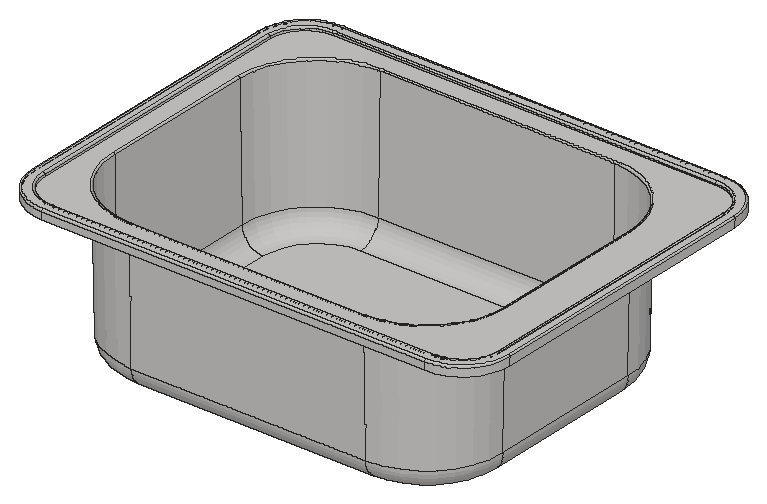
Revit family
Parameters
  Length = 610 mm  # constant formula
  Waste Connection Radius = Waste Connection Diameter / 2  # 45 mm
  Waste Connection = 1 = 1  # yes
  Vent Connection = 1 = 0  # no
  URL = "www.kwikot.com"
  Product Code = "SWT-SPACE"
  Model = "Classique Wash Trough Laundry Series"
  Manufacturer = "Kwikot"  # constant formula
  Keynote = "22 41 16.16"
  Drain Stopper Visibility = yes
  Description = "Single Bowl Stainless Steel Drop In"
  Width = 480 mm  # constant formula
  Depth = 200 mm  # constant formula
  HW Connection = 1 = 0  # no
  Family created by = "www.rbuiltcomponents.com"
  Waste Connection Diameter = 90 mm  # constant formula
  CW Connection = 1 = 0  # no
  Body Finish = Stainless_Steel-Kwikot-Satin
  Assembly Code = "D2010400"
Reference planes
  plane 1 "Bottom": z = 0
  plane 2 "Center (Front/Back)": y = -188
  plane 3: x = -140
  plane 4 "Top": z = 200
  plane 5: z = 188
  plane 6 "Bowl Top": z = 196
  plane 7: x = 165
  plane 8: x = -445
  plane 9: y = 52
  plane 10: y = -428
  plane 11: x = -405
  plane 12: y = 12
  plane 13: y = -388
  plane 14: x = 95
  plane 15: y = 37
  plane 16: y = -413
  plane 17: x = -430
  plane 18: x = 150
  plane 19: x = -15
Forms (mm)
  Sweep 1, solid, material "Stainless_Steel-Kwikot-Satin" <- "Body Finish"
    path origin (0, 0, 200) x (-1, 0, 0) y (0, -1, 0)
      loop
        line (405, 88) -> (405, 288)
        arc (405, 288) -> (375.711, 358.711) -> (305, 388) r 100
        line (305, 388) -> (5, 388)
        arc (5, 388) -> (-65.711, 358.711) -> (-95, 288) r 100
        line (-95, 288) -> (-95, 88)
        arc (-95, 88) -> (-65.711, 17.289) -> (5, -12) r 100
        line (5, -12) -> (305, -12)
        arc (305, -12) -> (375.711, 17.289) -> (405, 88) r 100
    profile origin (-405, -188, 200) x (1, 0, 0) y (0, 0, 1)
      loop
        arc (-1.581, -5) -> (-0.88, -5.287) -> (-0.581, -5.983) r 1
        line (-0.581, -5.983) -> (2.325, -172.489)
        arc (2.325, -172.489) -> (10.696, -191.971) -> (30.321, -200) r 28
        line (30.321, -200) -> (35.315, -200) -> (35.315, -199) -> (30.321, -199)
        arc (30.321, -199) -> (11.397, -191.258) -> (3.325, -172.471) r 27
        line (3.325, -172.471) -> (0.419, -5.965)
        arc (0.419, -5.965) -> (-0.179, -4.573) -> (-1.581, -4) r 2
        line (-1.581, -4) -> (-17.185, -4) -> (-17.185, -5) -> (-1.581, -5)
  Extrusion 2, solid, material "Stainless_Steel-Kwikot-Satin" <- "Body Finish"
    sketch origin (0, 0, 196) x (-1, 0, 0) y (0, -1, 0)
      loop
        arc (387, -38) -> (418.113, -25.113) -> (431, 6) r 44
        line (431, 6) -> (431, 370)
        arc (431, 370) -> (418.113, 401.113) -> (387, 414) r 44
        line (387, 414) -> (-107, 414)
        arc (-107, 414) -> (-138.113, 401.113) -> (-151, 370) r 44
        line (-151, 370) -> (-151, 6)
        arc (-151, 6) -> (-138.113, -25.113) -> (-107, -38) r 44
        line (-107, -38) -> (387, -38)
      loop
        line (5, -29.185) -> (305, -29.185)
        arc (305, -29.185) -> (387.862, 5.138) -> (422.185, 88) r 117.185
        line (422.185, 88) -> (422.185, 288)
        arc (422.185, 288) -> (387.862, 370.862) -> (305, 405.185) r 117.185
        line (305, 405.185) -> (5, 405.185)
        arc (5, 405.185) -> (-77.862, 370.862) -> (-112.185, 288) r 117.185
        line (-112.185, 288) -> (-112.185, 88)
        arc (-112.185, 88) -> (-77.862, 5.138) -> (5, -29.185) r 117.185
    from 0 to -1
  Extrusion 3, solid, material "Stainless_Steel-Kwikot-Satin" <- "Body Finish"
    sketch origin (0, 0, 0) x (1, 0, 0) y (0, 1, 0)
      loop
        circle (-15, -188) r 58.5
      loop
        arc (-305, -23.315) -> (-350.739, -42.261) -> (-369.685, -88) r 64.685
        line (-369.685, -88) -> (-369.685, -288)
        arc (-369.685, -288) -> (-350.739, -333.739) -> (-305, -352.685) r 64.685
        line (-305, -352.685) -> (-5, -352.685)
        arc (-5, -352.685) -> (40.739, -333.739) -> (59.685, -288) r 64.685
        line (59.685, -288) -> (59.685, -88)
        arc (59.685, -88) -> (40.739, -42.261) -> (-5, -23.315) r 64.685
        line (-5, -23.315) -> (-305, -23.315)
    from 1 to 0
  Sweep 4, solid, material "Stainless_Steel-Kwikot-Satin" <- "Body Finish"
    path origin (0, 0, 200) x (-1, 0, 0) y (0, -1, 0)
      loop
        arc (430, 368) -> (416.82, 399.82) -> (385, 413) r 45
        line (385, 413) -> (-105, 413)
        arc (-105, 413) -> (-136.82, 399.82) -> (-150, 368) r 45
        line (-150, 368) -> (-150, 8)
        arc (-150, 8) -> (-136.82, -23.82) -> (-105, -37) r 45
        line (-105, -37) -> (385, -37)
        arc (385, -37) -> (416.82, -23.82) -> (430, 8) r 45
        line (430, 8) -> (430, 368)
    profile origin (-430, -188, 200) x (-1, 0, 0) y (0, 0, 1)
      loop
        line (0, -2) -> (0, -5) -> (1.5, -5) -> (1.5, -3)
        arc (1.5, -3) -> (1.793, -2.293) -> (2.5, -2) r 1
        line (2.5, -2) -> (11.5, -2) -> (11.5, 0) -> (2, 0)
        arc (2, 0) -> (0.586, -0.586) -> (0, -2) r 2
  Sweep 5, solid, material "Stainless_Steel-Kwikot-Satin" <- "Body Finish"
    path origin (0, 0, 200) x (-1, 0, 0) y (0, -1, 0)
      loop
        arc (445, 368) -> (427.426, 410.426) -> (385, 428) r 60
        line (385, 428) -> (-105, 428)
        arc (-105, 428) -> (-147.426, 410.426) -> (-165, 368) r 60
        line (-165, 368) -> (-165, 8)
        arc (-165, 8) -> (-147.426, -34.426) -> (-105, -52) r 60
        line (-105, -52) -> (385, -52)
        arc (385, -52) -> (427.426, -34.426) -> (445, 8) r 60
        line (445, 8) -> (445, 368)
    profile origin (-445, -188, 200) x (-1, 0, 0) y (0, 0, 1)
      loop
        line (-6, 0) -> (-6, -2) -> (-3, -2)
        arc (-3, -2) -> (-2.293, -2.293) -> (-2, -3) r 1
        line (-2, -3) -> (-2, -11) -> (-5.011, -11) -> (-5.011, -12) -> (0, -12) -> (0, -2)
        arc (0, -2) -> (-0.586, -0.586) -> (-2, 0) r 2
        line (-2, 0) -> (-6, 0)
  Revolve 6, solid, material "Stainless_Steel-Kwikot-Satin" <- "Body Finish", visible <- "Drain Stopper Visibility"
    sketch origin (125, -188, 0) x (1, 0, 0) y (0, 0, 1)
      loop
        line (-140.039, 1.027) -> (-144.084, 1.027)
        arc (-144.084, 1.027) -> (-145.334, -0.223) -> (-144.084, -1.473) r 1.25
        line (-144.084, -1.473) -> (-143.039, -1.473) -> (-143.039, -6.473)
        arc (-143.039, -6.473) -> (-144.211, -9.301) -> (-147.039, -10.473) r 4
        line (-147.039, -10.473) -> (-175.039, -10.473)
        arc (-175.039, -10.473) -> (-178.575, -9.008) -> (-180.039, -5.473) r 5
        line (-180.039, -5.473) -> (-180.039, -3.995)
        arc (-180.039, -3.995) -> (-180.077, -2.357) -> (-181.489, -3.187) r 0.95
        line (-181.489, -3.187) -> (-181.489, -1.607)
        arc (-181.489, -1.607) -> (-181.782, -0.9) -> (-182.489, -0.607) r 1
        line (-182.489, -0.607) -> (-192.039, -0.607) -> (-192.039, -1.607) -> (-182.489, -1.607) -> (-182.489, -5.473) -> (-181.039, -5.473)
        arc (-181.039, -5.473) -> (-179.282, -9.715) -> (-175.039, -11.473) r 6
        line (-175.039, -11.473) -> (-140.039, -11.473) -> (-140.039, 1.027)
      axis (-140.039, 1.027) -> (-140.039, -11.473)
    angle from 0 to 360
  Extrusion 7, void
    sketch origin (-170.202, 60.252, 0) x (1, 0, 0) y (0, 1, 0)
      loop
        line (122.202, -246.752) -> (122.202, -249.752) -> (132.202, -249.752) -> (132.202, -246.752) -> (122.202, -246.752)
      loop
        line (188.202, -246.752) -> (178.202, -246.752) -> (178.202, -249.752) -> (188.202, -249.752) -> (188.202, -246.752)
      loop
        line (124.14, -259.494) -> (125.288, -262.266) -> (134.527, -258.439) -> (133.379, -255.667) -> (124.14, -259.494)
      loop
        line (185.116, -234.237) -> (175.877, -238.064) -> (177.025, -240.836) -> (186.264, -237.009) -> (185.116, -234.237)
      loop
        line (130.807, -270.525) -> (132.928, -272.647) -> (139.999, -265.576) -> (137.878, -263.454) -> (130.807, -270.525)
      loop
        line (177.476, -223.856) -> (170.405, -230.927) -> (172.526, -233.049) -> (179.597, -225.978) -> (177.476, -223.856)
      loop
        line (141.188, -278.166) -> (143.959, -279.314) -> (147.786, -270.075) -> (145.015, -268.927) -> (141.188, -278.166)
      loop
        line (166.445, -217.189) -> (162.618, -226.428) -> (165.39, -227.576) -> (169.216, -218.338) -> (166.445, -217.189)
      loop
        line (153.702, -281.252) -> (156.702, -281.252) -> (156.702, -271.252) -> (153.702, -271.252) -> (153.702, -281.252)
      loop
        line (153.702, -215.252) -> (153.702, -225.252) -> (156.702, -225.252) -> (156.702, -215.252) -> (153.702, -215.252)
      loop
        line (166.445, -279.314) -> (169.216, -278.166) -> (165.39, -268.927) -> (162.618, -270.075) -> (166.445, -279.314)
      loop
        line (141.188, -218.338) -> (145.015, -227.576) -> (147.786, -226.428) -> (143.959, -217.189) -> (141.188, -218.338)
      loop
        line (177.476, -272.647) -> (179.597, -270.525) -> (172.526, -263.454) -> (170.405, -265.576) -> (177.476, -272.647)
      loop
        line (130.807, -225.978) -> (137.878, -233.049) -> (139.999, -230.927) -> (132.928, -223.856) -> (130.807, -225.978)
      loop
        line (185.116, -262.266) -> (186.264, -259.494) -> (177.025, -255.667) -> (175.877, -258.439) -> (185.116, -262.266)
      loop
        line (124.14, -237.009) -> (133.379, -240.836) -> (134.527, -238.064) -> (125.288, -234.237) -> (124.14, -237.009)
    from -16.779 to 10
  Revolve 8, solid, material "Stainless_Steel-Kwikot-Satin" <- "Body Finish"
    sketch origin (125, -188, 0) x (1, 0, 0) y (0, 0, 1)
      loop
        line (-185, -2.086) -> (-194.595, -2.086)
        arc (-194.595, -2.086) -> (-195.24, -1.763) -> (-195.5, -1.091) r 1
        line (-195.5, -1.091) -> (-195.5, 0)
        arc (-195.5, 0) -> (-195.793, 0.707) -> (-196.5, 1) r 1
        line (-196.5, 1) -> (-198.5, 1) -> (-198.5, 0) -> (-196.5, 0) -> (-196.5, -1.091)
        arc (-196.5, -1.091) -> (-195.961, -2.457) -> (-194.634, -3.086) r 2
        line (-194.634, -3.086) -> (-186, -3.086) -> (-186, -7) -> (-185, -7) -> (-185, -2.086)
      axis (-140, 1) -> (-140, -7)
    angle from 0 to 360
Cuts and joins
  Extrusion 7 cuts Revolve 6
  Extrusion 7 cuts Sweep 1
  Extrusion 7 cuts Extrusion 2
  Extrusion 7 cuts Extrusion 3
  joined: Sweep 1, Extrusion 2, Extrusion 3, Revolve 8
  Extrusion 7 cuts Sweep 4
  Extrusion 7 cuts Sweep 5
  joined: Sweep 4, Sweep 5
Lines and regions (mm)
  Masking region 1
    outline origin (0, 0, 0) x (1, 0, 0) y (0, 1, 0)
      loop
        arc (-385, 52) -> (-427.426, 34.426) -> (-445, -8) r 60
        line (-445, -8) -> (-445, -368)
        arc (-445, -368) -> (-427.426, -410.426) -> (-385, -428) r 60
        line (-385, -428) -> (105, -428)
        arc (105, -428) -> (147.426, -410.426) -> (165, -368) r 60
        line (165, -368) -> (165, -8)
        arc (165, -8) -> (147.426, 34.426) -> (105, 52) r 60
        line (105, 52) -> (-385, 52)
  Masking region 2
    outline origin (0, -188, 0) x (1, 0, 0) y (0, 0, 1)
      loop
        line (165, 200) -> (-445, 200) -> (-445, 189) -> (-445, 188) -> (-405, 188) -> (-402.023, 29.476)
        arc (-402.023, 29.476) -> (-393.055, 8.602) -> (-372.028, 0) r 30
        line (-372.028, 0) -> (-61.25, 0) -> (-58.75, -5) -> (28.75, -5) -> (31.25, 0) -> (62.028, 0)
        arc (62.028, 0) -> (83.055, 8.602) -> (92.023, 29.476) r 30
        line (92.023, 29.476) -> (95, 188) -> (165, 188) -> (165, 189) -> (165, 200)
  Masking region 3
    outline origin (95, 0, 0) x (0, 1, 0) y (0, 0, 1)
      loop
        line (52, 200) -> (-428, 200) -> (-428, 188) -> (-388, 188) -> (-385.367, 49.127)
        arc (-385.367, 49.127) -> (-370.42, 14.337) -> (-335.374, 0) r 50
        line (-335.374, 0) -> (-235.5, 0) -> (-233, -5) -> (-143, -5) -> (-140.5, 0) -> (-40.626, 0)
        arc (-40.626, 0) -> (-5.58, 14.337) -> (9.367, 49.127) r 50
        line (9.367, 49.127) -> (12, 188) -> (52, 188) -> (52, 200)
  symbolic lines, style "Sink"
    curve 1: line (-405, -188, 188) -> (95, -188, 188)
    curve 2: line (-61.25, -188, 0) -> (31.25, -188, 0)
    curve 3: line (95, 12, 188) -> (95, -388, 188)
    curve 4: line (95, -140.5, 0) -> (95, -235.5, 0)
    curve 5: line (-385, 37, 0) -> (105, 37, 0)
    curve 6: line (-430, -368, 0) -> (-430, -8, 0)
    curve 7: line (105, -413, 0) -> (-385, -413, 0)
    curve 8: line (150, -8, 0) -> (150, -368, 0)
    curve 9: line (-440, -188, 200) -> (160, -188, 200)
    curve 10: arc (-385, 37, 0) -> (-416.82, 23.82, 0) -> (-430, -8, 0) r 45
    curve 11: arc (150, -8, 0) -> (136.82, 23.82, 0) -> (105, 37, 0) r 45
    curve 12: arc (150, -368, 0) -> (136.82, -399.82, 0) -> (105, -413, 0) r 45
    curve 13: arc (-385, -413, 0) -> (-416.82, -399.82, 0) -> (-430, -368, 0) r 45
    curve 14: arc (-55.039, -187.748, 0) -> (-15.039, -147.748, 0) -> (24.961, -187.748, 0) r 40
    curve 15: arc (24.961, -187.748, 0) -> (-15.039, -227.748, 0) -> (-55.039, -187.748, 0) r 40
    curve 18: line (-405, -88, 0) -> (-405, -288, 0)
    curve 19: line (-5, 12, 0) -> (-305, 12, 0)
    curve 20: line (95, -88, 0) -> (95, -288, 0)
    curve 21: line (-5, -388, 0) -> (-305, -388, 0)
    curve 22: arc (-405, -88, 0) -> (-375.711, -17.289, 0) -> (-305, 12, 0) r 100
    curve 23: arc (95, -88, 0) -> (65.711, -17.289, 0) -> (-5, 12, 0) r 100
    curve 24: arc (95, -288, 0) -> (65.711, -358.711, 0) -> (-5, -388, 0) r 100
    curve 25: arc (-305, -388, 0) -> (-375.711, -358.711, 0) -> (-405, -288, 0) r 100
  symbolic lines, style "Sink", detail levels fine
    curve 16: arc (-70.039, -187.748, 0) -> (-15.039, -132.748, 0) -> (39.961, -187.748, 0) r 55
    curve 17: arc (39.961, -187.748, 0) -> (-15.039, -242.748, 0) -> (-70.039, -187.748, 0) r 55
Dimensions and locks
  locked: plane 4 "Top" to level at 200
  plane 4 "Top" to plane 6 "Bowl Top" to plane 5 = 4 mm locked, 8 mm locked
  plane 4 "Top" to plane 5 = 12 mm
  equal spacing: plane 8, plane 3, plane 7
  locked: plane 8 to plane 7 at 610
  equal spacing: plane 10, plane 2 "Center (Front/Back)", plane 9
  locked: plane 10 to plane 9 at 480
  equal spacing: plane 13, plane 2 "Center (Front/Back)", plane 12
  locked: plane 13 to plane 12 at 400
  locked: plane 11 to plane 14 at 500
  plane 8 to plane 17 to plane 11 = 15 mm, 25 mm
  plane 14 to plane 18 to plane 7 = 55 mm, 15 mm
  plane 10 to plane 16 to plane 13 = 15 mm, 25 mm
  plane 12 to plane 15 to plane 9 = 25 mm, 15 mm
  locked: plane 19 to plane 14 at 110
  aligned: Sweep 1 to Extrusion 2  (x2)
  aligned and locked: plane 15 to curve 5
  aligned and locked: plane 17 to curve 6
  aligned and locked: curve 7 to plane 16
  aligned and locked: curve 8 to plane 18
  aligned and locked: plane 9 to Masking region 1 sketch curve
  aligned and locked: plane 8 to Masking region 1 sketch curve
  aligned and locked: Masking region 1 sketch curve to plane 10
  aligned and locked: Masking region 1 sketch curve to plane 7
  aligned and locked: Sweep 4 sketch curve to plane 15
  aligned and locked: plane 17 to Sweep 4 sketch curve
  aligned and locked: Sweep 4 sketch curve to plane 16
  aligned and locked: Sweep 4 sketch curve to plane 18
  aligned and locked: plane 9 to Sweep 5 sketch curve
  aligned and locked: plane 8 to Sweep 5 sketch curve
  aligned and locked: Sweep 5 sketch curve to plane 10
  aligned and locked: Sweep 5 sketch curve to plane 7
  aligned and locked: Sweep 1 sketch curve to plane 11
  aligned and locked: Sweep 1 sketch curve to plane 12
  aligned and locked: Sweep 1 sketch curve to plane 14
  aligned and locked: curve 18 to plane 11
  aligned and locked: curve 19 to plane 12
  aligned and locked: curve 20 to plane 14
  aligned and locked: curve 21 to plane 13
  aligned and locked: Masking region 2 to plane 8
  aligned and locked: plane 7 to Masking region 2
  aligned and locked: Masking region 3 sketch curve to plane 9
  aligned and locked: Masking region 3 sketch curve to plane 10
Automatic sketch dimensions
  Sweep 1 sketch curve to Sweep 1 sketch curve = 0 mm  (x4)
  Sweep 1 sketch curve to profile plane = 5 mm
  profile plane to Sweep 1 sketch curve = 17.185 mm
  profile plane to Sweep 1 sketch curve = 1.581 mm
  Sweep 1 sketch curve to Sweep 1 sketch curve = 1 mm  (x2)
  Sweep 1 sketch curve to profile plane = 0.419 mm
  Sweep 1 sketch curve to profile plane = 2.325 mm
  Sweep 1 sketch curve to profile plane = 30.321 mm
  Sweep 1 sketch curve to Sweep 1 sketch curve = 4.994 mm
  Sweep 1 sketch curve to Sweep 1 sketch curve = 0.965 mm
  Sweep 1 sketch curve to Sweep 1 sketch curve = 0.017 mm  (x2)
  Sweep 1 sketch curve to Sweep 1 sketch curve = 166.035 mm
  Sweep 1 sketch curve to Sweep 1 sketch curve = 0.471 mm
  Extrusion 2 sketch curve to plane 13 = 18 mm  (x2)
  plane 11 to Extrusion 2 sketch curve = 18 mm  (x2)
  plane 2 "Center (Front/Back)" to Extrusion 3 sketch curve = 0 mm
  plane 3 to Extrusion 3 sketch curve = 125 mm
  Extrusion 3 sketch curve to Extrusion 3 sketch curve = 58.5 mm
  Masking region 2 sketch curve to plane 4 "Top" = 0 mm
  Masking region 2 sketch curve to plane 5 = 0 mm  (x2)
  Masking region 2 sketch curve to level = 0 mm  (x2)
  Masking region 2 sketch curve to plane 8 = 0 mm
  Masking region 2 sketch curve to plane 11 = 0 mm
  plane 11 to Masking region 2 sketch curve = 2.977 mm
  plane 11 to Masking region 2 sketch curve = 32.972 mm
  plane 3 to Masking region 2 sketch curve = 78.75 mm
  Masking region 2 sketch curve to Masking region 2 sketch curve = 2.5 mm  (x2)
  Masking region 2 sketch curve to level = 5 mm
  plane 3 to Masking region 2 sketch curve = 168.75 mm
  Masking region 2 sketch curve to plane 14 = 32.972 mm
  plane 5 to Masking region 2 sketch curve = 1 mm  (x2)
  plane 7 to Masking region 2 sketch curve = 0 mm
  level to Masking region 2 sketch curve = 29.476 mm  (x2)
  Masking region 3 sketch curve to plane 4 "Top" = 0 mm
  Masking region 3 sketch curve to plane 5 = 0 mm  (x2)
  Masking region 3 sketch curve to level = 0 mm  (x2)
  Masking region 3 sketch curve to plane 13 = 0 mm
  Masking region 3 sketch curve to plane 13 = 2.633 mm
  Masking region 3 sketch curve to plane 13 = 52.626 mm
  plane 2 "Center (Front/Back)" to Masking region 3 sketch curve = 47.5 mm
  Masking region 3 sketch curve to Masking region 3 sketch curve = 2.5 mm  (x2)
  Masking region 3 sketch curve to level = 5 mm
  Masking region 3 sketch curve to plane 2 "Center (Front/Back)" = 45 mm
  plane 12 to Masking region 3 sketch curve = 52.626 mm
  plane 12 to Masking region 3 sketch curve = 2.633 mm
  plane 12 to Masking region 3 sketch curve = 0 mm
  level to Masking region 3 sketch curve = 49.127 mm  (x2)
  Sweep 4 sketch curve to profile plane = 0 mm
  Sweep 4 sketch curve to plane 4 "Top" = 0 mm
  Sweep 4 sketch curve to profile plane = 1.5 mm
  Sweep 4 sketch curve to profile plane = 2 mm
  Sweep 4 sketch curve to Sweep 4 sketch curve = 1 mm
  Sweep 4 sketch curve to plane 4 "Top" = 2 mm
  Sweep 4 sketch curve to Sweep 4 sketch curve = 9 mm
  Sweep 4 sketch curve to Sweep 4 sketch curve = 2 mm
  Sweep 5 sketch curve to plane 4 "Top" = 0 mm
  Sweep 5 sketch curve to profile plane = 0 mm
  profile plane to Sweep 5 sketch curve = 2 mm  (x2)
  Sweep 5 sketch curve to Sweep 5 sketch curve = 1 mm  (x3)
  Sweep 5 sketch curve to Sweep 5 sketch curve = 3.011 mm
  Sweep 5 sketch curve to Sweep 5 sketch curve = 3 mm
  Sweep 5 sketch curve to Sweep 5 sketch curve = 8 mm
  Revolve 6 sketch curve to Revolve 6 sketch curve = 0 mm  (x4)
  Revolve 6 sketch curve to level = 1.607 mm  (x2)
  plane 3 to Revolve 6 sketch curve = 72.961 mm
  Revolve 6 sketch curve to Revolve 6 sketch curve = 9.55 mm
  Revolve 6 sketch curve to Revolve 6 sketch curve = 1 mm  (x2)
  Revolve 6 sketch curve to Revolve 6 sketch curve = 1.45 mm
  Revolve 6 sketch curve to Revolve 6 sketch curve = 0.95 mm
  Revolve 6 sketch curve to Revolve 6 sketch curve = 0.5 mm
  Revolve 6 sketch curve to Revolve 6 sketch curve = 5 mm
  plane 3 to Revolve 6 sketch curve = 117.961 mm
  level to Revolve 6 sketch curve = 1.027 mm
  plane 3 to Revolve 6 sketch curve = 120.916 mm
  Revolve 6 sketch curve to Revolve 6 sketch curve = 1.044 mm
  plane 3 to Revolve 6 sketch curve = 124.961 mm  (x2)
  Revolve 6 sketch curve to Revolve 6 sketch curve = 1.58 mm
  Revolve 6 sketch curve to Revolve 6 sketch curve = 2.286 mm
  Revolve 6 sketch curve to Revolve 6 sketch curve = 12.558 mm
  Revolve 6 sketch curve to level = 1.473 mm
  Revolve 6 sketch curve to Revolve 6 sketch curve = 24.942 mm
  plane 2 "Center (Front/Back)" to Extrusion 7 sketch curve = 1.5 mm  (x2)
  plane 3 to Extrusion 7 sketch curve = 92 mm
  plane 2 "Center (Front/Back)" to Extrusion 7 sketch curve = 11.243 mm
  Extrusion 7 sketch curve to Extrusion 7 sketch curve = 1.938 mm  (x5)
  Extrusion 7 sketch curve to plane 2 "Center (Front/Back)" = 11.243 mm
  Extrusion 7 sketch curve to plane 2 "Center (Front/Back)" = 14.014 mm  (x2)
  Extrusion 7 sketch curve to Extrusion 7 sketch curve = 1.148 mm  (x8)
  plane 2 "Center (Front/Back)" to Extrusion 7 sketch curve = 14.014 mm  (x2)
  Extrusion 7 sketch curve to Extrusion 7 sketch curve = 5.519 mm  (x4)
  Extrusion 7 sketch curve to Extrusion 7 sketch curve = 10 mm
  Extrusion 7 sketch curve to Extrusion 7 sketch curve = 2.121 mm  (x8)
  plane 2 "Center (Front/Back)" to Extrusion 7 sketch curve = 7.416 mm  (x2)
  Extrusion 7 sketch curve to plane 2 "Center (Front/Back)" = 7.416 mm  (x2)
  Extrusion 7 sketch curve to Extrusion 7 sketch curve = 3.351 mm  (x8)
  Extrusion 7 sketch curve to Extrusion 7 sketch curve = 8.259 mm  (x4)
  Extrusion 7 sketch curve to Extrusion 7 sketch curve = 2.772 mm  (x4)
  Extrusion 7 sketch curve to Extrusion 7 sketch curve = 5.015 mm  (x8)
  plane 3 to Extrusion 7 sketch curve = 123.5 mm  (x2)
  plane 3 to Extrusion 7 sketch curve = 126.5 mm  (x2)
  Extrusion 7 sketch curve to Extrusion 7 sketch curve = 5.916 mm  (x2)
  Extrusion 7 sketch curve to Extrusion 7 sketch curve = 9.743 mm  (x2)
  Extrusion 7 sketch curve to Extrusion 7 sketch curve = 1.177 mm  (x3)
  Extrusion 7 sketch curve to plane 2 "Center (Front/Back)" = 1.5 mm  (x2)
  Revolve 8 sketch curve to Revolve 8 sketch curve = 0 mm  (x3)
  Revolve 8 sketch curve to level = 0 mm  (x2)
  plane 3 to Revolve 8 sketch curve = 125 mm
  Revolve 8 sketch curve to level = 7 mm
  plane 3 to Revolve 8 sketch curve = 80 mm
  Revolve 8 sketch curve to Revolve 8 sketch curve = 1 mm  (x3)
  Revolve 8 sketch curve to level = 1.091 mm
  Revolve 8 sketch curve to Revolve 8 sketch curve = 8.5 mm
  Revolve 8 sketch curve to Revolve 8 sketch curve = 0.095 mm
  Revolve 8 sketch curve to Revolve 8 sketch curve = 0.039 mm
  Revolve 8 sketch curve to Revolve 8 sketch curve = 2 mm
  Revolve 8 sketch curve to level = 24.058 mm
  level to Revolve 8 sketch curve = 25.942 mm
  Extrusion 2 sketch curve to plane 12 = 26 mm
  plane 12 to Extrusion 2 sketch curve = 18 mm
  Masking region 2 sketch curve to Masking region 2 sketch curve = 29.995 mm
  Masking region 2 sketch curve to plane 7 = 70 mm
  Sweep 5 sketch curve to plane 7 = 60 mm  (x2)
  plane 13 to Extrusion 2 sketch curve = 26 mm
  plane 11 to Sweep 5 sketch curve = 20 mm  (x2)
  plane 13 to Sweep 1 sketch curve = 0 mm
  Sweep 1 sketch curve to plane 14 = 100 mm  (x2)
  Sweep 1 sketch curve to Sweep 1 sketch curve = 100 mm
  plane 2 "Center (Front/Back)" to Sweep 1 sketch curve = 100 mm
  Extrusion 2 sketch curve to plane 18 = 43 mm
  plane 15 to Extrusion 2 sketch curve = 7.815 mm
  Extrusion 2 sketch curve to plane 14 = 100 mm
  plane 11 to Extrusion 2 sketch curve = 100 mm
  plane 17 to Extrusion 2 sketch curve = 7.815 mm
  plane 2 "Center (Front/Back)" to Extrusion 2 sketch curve = 100 mm  (x2)
  plane 14 to Extrusion 2 sketch curve = 17.185 mm
  Extrusion 2 sketch curve to plane 16 = 7.815 mm
  plane 12 to Extrusion 3 sketch curve = 35.315 mm
  plane 11 to Extrusion 3 sketch curve = 100 mm
  plane 11 to Extrusion 3 sketch curve = 35.315 mm
  plane 2 "Center (Front/Back)" to Extrusion 3 sketch curve = 100 mm
  Extrusion 3 sketch curve to Extrusion 3 sketch curve = 64.685 mm  (x2)
  Extrusion 3 sketch curve to plane 14 = 100 mm
  Extrusion 3 sketch curve to plane 14 = 35.315 mm
  plane 14 to Sweep 4 sketch curve = 10 mm  (x2)
  plane 11 to Sweep 4 sketch curve = 20 mm  (x2)
  plane 11 to curve 22 = 100 mm
  plane 2 "Center (Front/Back)" to curve 25 = 100 mm
  plane 19 to curve 19 = 10 mm
  plane 19 to curve 21 = 10 mm
  curve 14 to curve 16 = 0 mm  (x2)
  plane 11 to curve 10 = 20 mm
  plane 11 to curve 7 = 20 mm
  curve 16 to plane 2 "Center (Front/Back)" = 0.252 mm
  curve 16 to plane 19 = 55.039 mm
  curve 16 to curve 15 = 15 mm
  curve 17 to plane 19 = 0.039 mm
  plane 14 to curve 11 = 10 mm
  plane 14 to curve 12 = 10 mm
  plane 11 to Masking region 1 sketch curve = 20 mm  (x2)
  plane 14 to Masking region 1 sketch curve = 10 mm  (x2)
  curve 9 to plane 4 "Top" = 0 mm
  curve 1 to plane 5 = 0 mm
  curve 1 to plane 11 = 0 mm
  curve 2 to level = 0 mm
  curve 1 to plane 14 = 0 mm
  plane 8 to curve 9 = 5 mm
  plane 3 to curve 2 = 78.75 mm
  plane 3 to curve 2 = 171.25 mm
  curve 9 to plane 7 = 5 mm
  curve 3 to plane 5 = 0 mm
  curve 3 to plane 13 = 0 mm
  curve 4 to level = 0 mm
  curve 3 to plane 12 = 0 mm
  plane 2 "Center (Front/Back)" to curve 4 = 47.5 mm
  curve 4 to plane 2 "Center (Front/Back)" = 47.5 mm
